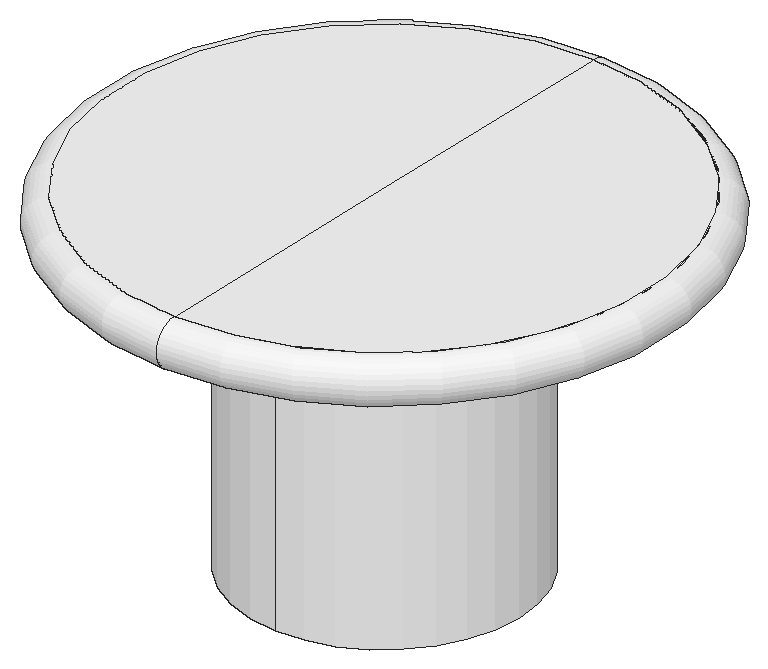
Revit family "Reece_Basin_AXA_H10_Above Counter Basin_Oval_400 mm", category Plumbing Fixtures, host Face, Revit 2018
Family settings
  Host = Face
  Round Connector Dimension = Use Diameter
  Part Type = Normal
  Cut with Voids When Loaded = No
  Shared = Yes
  Room Calculation Point = Yes
Parameters
  WFU = 0  # constant formula
  URL = "https://www.reece.com.au/product/-9505318"
  Type Comments = "Basin"
  Reece_Product_Web Page = "https://www.reece.com.au/product/-9505318"
  Reece_Product_Type = "Basin"  # constant formula
  Reece_Product_Sub Brand = "H10"  # constant formula
  Reece_Product_Number = "9505318"
  Reece_Product_Mount = "Above Counter Basin"
  Reece_Product_Description = "AXA H10 Oval Counter Basin 400 x 320mm White"  # constant formula
  Reece_Product_Brand = "AXA"  # constant formula
  Reece_Overall_Width = 400 mm  # constant formula
  Reece_Overall_Length = 320 mm  # constant formula
  Reece_Overall_Height = 100 mm  # constant formula
  Reece_Overall_Capacity = 4.00 L  # constant formula
  Reece_Material_Secondary = Reece_Brass_Chrome
  Reece_Material-Main = Reece_Vitreous China_White
  Reece_Detail_Disclaimer = "THIS FILE IS THE PROPERTY OF THE REECE GROUP. IT MAY NOT BE REPRODUCED, REVERSE-ENGINEERED OR MODIFIED. ANY REPUBLICATION, TRANSMISSION OR DISTRIBUTION FOR THE PURPOSE OF COMMERCIALLY EXPLOITING THE FILES IS PROHIBITED."  # constant formula
  Reece_Basin_Outlet = 40 mm  # constant formula
  Model = "H10"
  Manufacturer = "AXA"
  Keynote = "Product #9505318, Reece_Basin_AXA_H10_Above Counter Basin_Oval_400 mm -  "
  HWFU = 0  # constant formula
  Disclaimer = "THIS FILE IS THE PROPERTY OF THE REECE GROUP. IT MAY NOT BE REPRODUCED, REVERSE-ENGINEERED OR MODIFIED. ANY REPUBLICATION, TRANSMISSION OR DISTRIBUTION FOR THE PURPOSE OF COMMERCIALLY EXPLOITING THE FILES IS PROHIBITED."  # constant formula
  Description = "AXA H10 Oval Counter Basin 400 x 320mm White"
  Default Elevation = 1000 mm
  CWFU = 0  # constant formula
Types (2, lengths in mm): name | Keynote
  (no name) | "Product #9505318, Reece_Basin_AXA_H10_Above Counter Basin_Oval_400 mm -  "
  4 L_No Taphole_Vitreous China_White | "Product #9505318, Reece_Basin_AXA_H10_Above Counter Basin_Oval_400 mm - 4 L_No Taphole_Vitreous China_White"
Reference planes
  plane 1 "Center (Front/Back)": y = -119.125
  plane 2 "Bottom": z = 0
  plane 3 "Center (Left/Right)": x = 0
  plane 4 "Top": z = 100
  plane 5: y = 40.875
  plane 6: x = 200
  plane 7: x = -200
  plane 8: y = -279.125
  plane 9: z = 30
  plane 10: x = -170
  plane 11: x = 170
  plane 12: y = 10.875
  plane 13: y = -249.125
Forms (mm)
  Revolve 1, solid, material "Reece_Brass_Chrome" <- "Reece_Material_Secondary"
    sketch origin (0, -80, 0) x (0, 1, 0) y (0, 0, 1)
      loop
        line (-24.125, 32.5) -> (-10, 32.5)
        arc (-10, 32.5) -> (-7.5, 35) -> (-10, 37.5) r 2.5
        line (-10, 37.5) -> (-39.125, 37.5) -> (-39.125, 0) -> (-24.125, 0) -> (-24.125, 32.5)
      axis (-39.125, 37.5) -> (-39.125, 0)
    angle from 0 to 360
  Extrusion 2, void
    sketch origin (0, 0, 0) x (1, 0, 0) y (0, 1, 0)
      loop
        circle (0, -119.125) r 50
    from 0 to -40
Lines and regions (mm)
  symbolic lines, style "PlumbingFixtures"
    curve 1: line (0, 29.329, 100) -> (0, -267.365, 100)
    curve 2: line (0, -267.365, 100) -> (0, 29.329, 100)
Text (mm)
  text "Reece Copyright © 2018, Reece Ltd." at (-950.202, -583.01, 0), in view "Ref. Level"
  text "Reece ©" at (44.384, 258.95, 192.345), in view "Reece Preview"
Dimensions and locks
  equal spacing: plane 7, plane 3 "Center (Left/Right)", plane 6
  "Reece_Overall_Width": plane 7 to plane 6
  "Reece_Overall_Length": plane 5 to plane 8
  equal spacing: plane 5, plane 1 "Center (Front/Back)", plane 8
  "Reece_Overall_Height": plane 2 "Bottom" to plane 4 "Top"
  plane 4 "Top" to plane 9 = 70 mm
  plane 3 "Center (Left/Right)" to plane 10 = 170 mm
  plane 12 to plane 1 "Center (Front/Back)" = 130 mm
  plane 13 to plane 1 "Center (Front/Back)" = 130 mm
  plane 3 "Center (Left/Right)" to plane 11 = 170 mm
  plane 4 "Top" to plane 2 "Bottom" = 100 mm  (x2)
  aligned and locked: host face to plane 2 "Bottom"
  aligned and locked: level to host face
Automatic sketch dimensions
  host sketch curve to host sketch curve = 801.051 mm
  host sketch curve to host sketch curve = 660.299 mm
  Revolve 1 sketch curve to level = 0 mm
  plane 1 "Center (Front/Back)" to Revolve 1 sketch curve = 0 mm
  Revolve 1 sketch curve to Revolve 1 sketch curve = 15 mm
  Revolve 1 sketch curve to Revolve 1 sketch curve = 14.125 mm
  Revolve 1 sketch curve to Revolve 1 sketch curve = 32.5 mm
  Revolve 1 sketch curve to Revolve 1 sketch curve = 2.5 mm
  Revolve 1 sketch curve to Revolve 1 sketch curve = 0 mm
  Revolve 1 sketch curve to level = 33.124 mm
  plane 4 "Top" to Revolve 1 sketch curve = 18.686 mm
  curve 1 to plane 3 "Center (Left/Right)" = 0 mm
  curve 1 to plane 5 = 11.547 mm
  curve 2 to plane 8 = 11.759 mm
  curve 1 to curve 2 = 0 mm
  curve 2 to plane 3 "Center (Left/Right)" = 0 mm
  curve 2 to curve 1 = 0 mm
  plane 1 "Center (Front/Back)" to Extrusion 2 sketch curve = 0 mm
  Extrusion 2 sketch curve to plane 3 "Center (Left/Right)" = 0 mm
  radius of Extrusion 2 sketch curve = 50 mm
Connectors
  piping at (0, -119.018, 0), diameter 40, driven by "Reece_Basin_Outlet"
    settings: on free form element, index 1, connector inside diameter 609.6 mm, connector length 0 mm, flow factor 0, pipe flow 0.0 L/s, pressure drop 0.0 Pa, fitting loss kfactor 0, connector angle 0.00°, fixture units 0, engagement length 0 mm, angle of deflection 0.00°, flow configuration 0, flow direction 2, fitting loss method 0, system type 16, joint type 0, gender type 0, connector reference index -1, connector utility 0, adjustable connector no, is connector primary yes, connector description ""
